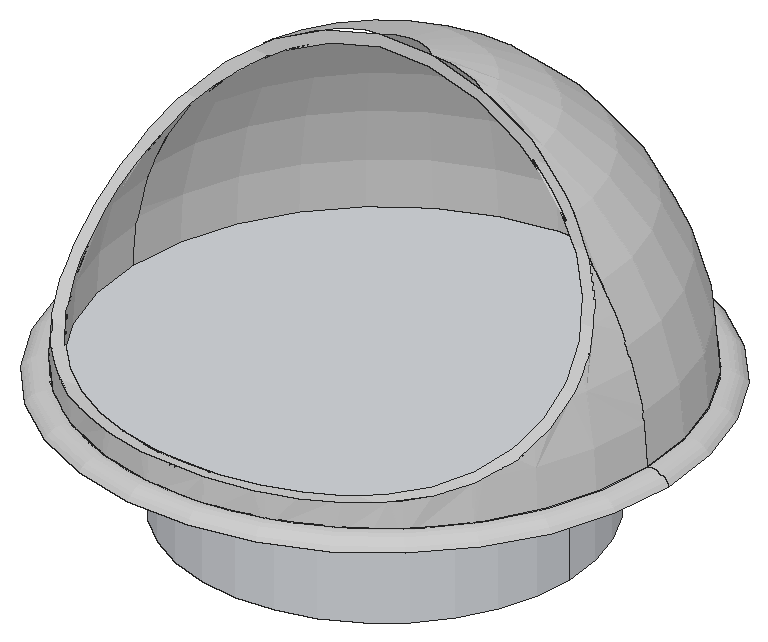
Revit family "CADS_AIRFLOWdev_AirTerminal_RoundCowl_Exhaust", category Air Terminals, host Face, Revit 2015
Parameters (values of type "180mm With Mesh")
  WorkExecutionLevel = "N/A"
  WeeklyMaintenance = "N/A"
  WarrantyStartDate [instance] = "N/A"
  WarrantyPeriod = "2"
  WarrantyIdentifier = "N/A"
  WarrantyGuarantorParts = "info@airflow.com"
  WarrantyGuarantorLabor = "info@airflow.com"
  WarrantyGuarantor = "Airflow Developments Ltd"
  WarrantyEndDate [instance] = "N/A"
  WarrantyContent = "Replacement of part if faulty"
  Void = ((A - 20 mm) / 2) - 2 mm  # 120.5 mm
  Uniclass2015 = "Pr_65_70_46_01"
  TagNumber [instance] = "N/A"
  Status [instance] = "New"
  Size = "195 x 255 x 255"
  ShippingWeight = 0.09 kg
  Shape = "Round"
  ServiceLifeType = "EXPECTEDSERVICELIFE"
  ServiceLifeDuration = "10"
  SerialNumber [instance] = "N/A"
  RoundCowl = CADS_Airflow_Chrome
  ReplacementCost = "60.444"
  QuarterlyMaintenance = "N/A"
  QualityOfComponents = "N/A"
  ProductionYear = "2017"
  ProductLiterature = "N/A"
  PointOfContact = "Airflow Developments Ltd"
  OutdoorEnviornment = "N/A"
  OperationAndMaintenanceManual = "N/A"
  NumberOfSlots = 0
  NominalWidth = 255 mm
  NominalLength = 195 mm
  NominalHeight = 255 mm
  NBSCode = "90-75-50/370 Air terminals;"
  MountingType = "SURFACE"
  MonthlyMaintenance = "N/A"
  ModelReference = "9041229"
  ModelLabel = "180mm dia round cowl complete with internal mesh"
  MeanTimeBetweenFailure = "N/A"
  Material = "Stainless Steel"
  ManufacturerWebsite = "www.airflow.com"
  ManufacturerTelephone = "01494 525252"
  ManufacturerE-Mail = "info@airflow.com"
  ManufacturerAddress = "Aidelle House\nLancaster Road\nCressex Business Park\nHigh Wycombe\nBucks\nHP123QP"
  Manufacturer = "Airflow Developments Ltd"
  MaintenanceRequired8001to12000hrs = "N/A"
  MaintenanceRequired601to1000hrs = "N/A"
  MaintenanceRequired4001to8000hrs = "N/A"
  MaintenanceRequired301to600hrs = "N/A"
  MaintenanceRequired2001to4000hrs = "N/A"
  MaintenanceRequired1001to2000hrs = "N/A"
  MaintenanceRequired0to300hrs = "N/A"
  MaintenanceLevel = "N/A"
  IsExtendedWarranty = no
  IndoorEnviornment = "N/A"
  InUseConditions = "N/A"
  ISO90001 = yes
  ISO140001 = yes
  HasThermalInsulation = no
  HasSoundAttenuator = no
  HasIntegralControl = no
  GrossWeight = 0.075 kg
  Grade = "Virgin"
  GlobalTradeItemNumber = "5019009318042"
  FlowControlType = "NONE"
  Flow [instance] = 0.0 L/s
  Features [instance] = "180mm dia round cowl complete with internal mesh"
  FaceType = "LOUVERED"
  Exclusions = "Incorrect Use / Incorrect Installation / Installed by a non-accredited electrician. Customer abuse."
  E = 55 mm
  DurationUnit = "Years"
  DesignLevel = "N/A"
  Description = "180mm dia round cowl complete with internal mesh"
  DailyMaintenance = "N/A"
  D = 173 mm
  Mesh [instance] = yes
  Louvers [instance] = no
  Default Elevation = 1219.2 mm
  Constituents = "Silver"
  Color = "Silver"
  CodePerformance = "N/A"
  CEApproval = yes
  C = 190 mm
  BespokeTimeFrameMaintenance = "N/A"
  AssetType = "Fixed"
  AssetIdentifier [instance] = "N/A"
  AssemblyPlace = "N/A"
  AnnualMaintenance = "N/A"
  AirflowRateRange = "0-61"
  AccessibilityPerformance = "N/A"
  A = 265 mm
  Base = A - 20 mm  # 245 mm
  6MonthlyMaintenance = "Visually inspect system, clean the fan and ducting if necessary"
Types (9, lengths in mm): name | Void | Size | ShippingWeight | ReplacementCost | NominalWidth | NominalLength | NominalHeight | ModelReference | ModelLabel | GrossWeight | GlobalTradeItemNumber | Features | E | Description | D | Mesh | Louvers | C | A | Base
  (no name) | 120.5 | "195 x 255 x 255" | 0.09 kg | "60.444" | 255 | 195 | 255 | "9041229" | "180mm dia round cowl complete with internal mesh" | 0.075 kg | "5019009318042" | "180mm dia round cowl complete with internal mesh" | 55 | "180mm dia round cowl complete with internal mesh" | 173 | yes | no | 190 | 265 | 245
  100mm With Louvers | 63 | "115 x 150 x 150" | 0.03 kg | "20.676" | 150 | 115 | 150 | "52644501" | "100mm dia round cowl complete with Internal louvers" | 0.025 kg | "5019009306346" | "100mm dia round cowl complete with Internal louvers" | 42 | "100mm dia round cowl complete with Internal louvers" | 100 | no | yes | 115 | 150 | 130
  125mm With Louvers | 78 | "145 x 190 x 190" | 0.042 kg | "30.228" | 190 | 145 | 190 | "9041226" | "125mm dia round cowl complete with internal louvers" | 0.035 kg | "5019009318011" | "125mm dia round cowl complete with internal louvers" | 48 | "125mm dia round cowl complete with internal louvers" | 125 | no | yes | 145 | 180 | 160
  150mm With Louvers | 91.5 | "155 x 210 x 210" | 0.054 kg | "39.756" | 210 | 155 | 210 | "52644601" | "150mm dia round cowl complete with Internal louvers" | 0.045 kg | "5019009306360" | "150mm dia round cowl complete with Internal louvers" | 55 | "150mm dia round cowl complete with Internal louvers" | 150 | no | yes | 155 | 207 | 187
  180mm With Louvers | 120.5 | "195 x 255 x 255" | 0.09 kg | "60.444" | 255 | 195 | 255 | "9041227" | "180mm dia round cowl complete with internal louvers" | 0.075 kg | "5019009318028" | "180mm dia round cowl complete with internal louvers" | 55 | "180mm dia round cowl complete with internal louvers" | 173 | no | yes | 190 | 265 | 245
  100mm With Mesh | 63 | "115 x 150 x 150" | 0.03 kg | "20.676" | 150 | 115 | 150 | "52644701" | "100mm dia round cowl complete with Internal mesh" | 0.025 kg | "5019009306384" | "100mm dia round cowl complete with Internal mesh" | 42 | "100mm dia round cowl complete with Internal mesh" | 100 | yes | no | 115 | 150 | 130
  125mm With Mesh | 78 | "145 x 190 x 190" | 0.042 kg | "30.228" | 190 | 145 | 190 | "9041228" | "125mm dia round cowl complete with internal mesh" | 0.035 kg | "5019009318035" | "125mm dia round cowl complete with internal mesh" | 48 | "125mm dia round cowl complete with internal mesh" | 125 | yes | no | 145 | 180 | 160
  150mm With Mesh | 91.5 | "155 x 210 x 210" | 0.054 kg | "39.756" | 210 | 155 | 210 | "52644801" | "150mm dia round cowl complete with Internal mesh" | 0.045 kg | "5019009306407" | "150mm dia round cowl complete with Internal mesh" | 55 | "150mm dia round cowl complete with Internal mesh" | 150 | yes | no | 155 | 207 | 187
  180mm With Mesh | 120.5 | "195 x 255 x 255" | 0.09 kg | "60.444" | 255 | 195 | 255 | "9041229" | "180mm dia round cowl complete with internal mesh" | 0.075 kg | "5019009318042" | "180mm dia round cowl complete with internal mesh" | 55 | "180mm dia round cowl complete with internal mesh" | 173 | yes | no | 190 | 265 | 245
Reference planes
  plane 1 "Center (Front/Back)": y = 0
  plane 2: z = 0
  plane 3 "Center (Left/Right)": x = 0
  plane 4: z = 135
  plane 5: x = -122.5
  plane 6: x = 122.5
  plane 7 "top": y = 122.5
  plane 8: y = -122.5
  plane 9: y = -60.25
  plane 10: x = -132.5
  plane 11: y = 132.5
  plane 12: x = 132.5
  plane 13: y = -132.5
  plane 14: y = -120.5
  plane 15: z = 4.663
  plane 16: z = -55
  plane 17: z = 69.832
  plane 18: y = -108.123
Forms (mm)
  Revolve 1, solid, material "CADS_Airflow_Chrome" <- "RoundCowl"
    sketch origin (0, 0, 0) x (1, 0, 0) y (0, 0, 1)
      loop
        arc (122.5, 0) -> (87.787, 91.58) -> (0, 135) r 133.84
        line (0, 135) -> (0, 129.98)
        arc (0, 129.98) -> (84.246, 88.039) -> (117.499, 0) r 128.839
        line (117.499, 0) -> (122.5, 0)
      axis (0, 135) -> (0, 0)
    angle from 0 to 360
  Revolve 2, solid, material "CADS_Airflow_Chrome" <- "RoundCowl"
    sketch origin (0, 0, 0) x (1, 0, 0) y (0, 0, 1)
      loop
        arc (132.5, 0) -> (128.248, 3.935) -> (122.5, 4.663) r 9.485
        line (122.5, 4.663) -> (122.5, 0) -> (132.5, 0)
      axis (0, 4.663) -> (0, 0)
    angle from 0 to 360
  Extrusion 3, solid
    sketch origin (0, 0, 0) x (1, 0, 0) y (0, 1, 0)
      loop
        circle (0, 0) r 122.5
    from 0 to 4.663
  Extrusion 4, solid
    sketch origin (0, 0, 0) x (1, 0, 0) y (0, 1, 0)
      loop
        circle (0, 0) r 86.5
    from 0 to -55
  Extrusion 5, void
    sketch origin (0, -47.12, -7.321) x (0, 1, 0) y (0, 0, 1)
      loop
        circle (-61.003, 142.321) r 120.5
    from -286.988 to 250
Cuts and joins
  Extrusion 5 cuts Revolve 1
Dimensions and locks
  equal spacing: plane 10, plane 3 "Center (Left/Right)", plane 12
  equal spacing: plane 11, plane 1 "Center (Front/Back)", plane 13
  "A": plane 11 to plane 13
  "A": plane 10 to plane 12
  locked: plane 10 to plane 5 at 10
  locked: plane 6 to plane 12 at 10
  locked: plane 8 to plane 13 at 10
  locked: plane 11 to plane 7 "top" at 10
  locked: plane 14 to plane 8 at 2
  equal spacing: plane 1 "Center (Front/Back)", plane 9, plane 14
  plane 1 "Center (Front/Back)" to plane 14 = 120.5 mm
  locked: plane 15 to level at 4.663
  "E": level to plane 16
  "C": plane 4 to plane 16
  equal spacing: plane 4, plane 17, plane 15
  locked: plane 13 to plane 18 at 24.377
  "Base": diameter of Extrusion 3 sketch curve
  "D": diameter of Extrusion 4 sketch curve
  "Void": radius of Extrusion 5 sketch curve
  aligned and locked: plane 2 to host face
  aligned and locked: level to host face
  aligned and locked: Revolve 1 sketch curve to plane 3 "Center (Left/Right)"
  aligned and locked: Revolve 2 sketch curve to plane 3 "Center (Left/Right)"
  aligned and locked: plane 3 "Center (Left/Right)" to Revolve 1 sketch curve
  aligned and locked: level to Revolve 1 sketch curve
  aligned and locked: plane 15 to Extrusion 3
  aligned and locked: Extrusion 4 to plane 16
  aligned and locked: level to Extrusion 4
  aligned and locked: plane 18 to Extrusion 5 sketch curve
  aligned and locked: plane 4 to Extrusion 5 sketch curve
Automatic sketch dimensions
  host sketch curve to host sketch curve = 2438.4 mm  (x2)
  Revolve 2 sketch curve to level = 0 mm
  Revolve 2 sketch curve to plane 6 = 0 mm
  Revolve 2 sketch curve to plane 12 = 0 mm
  plane 6 to Revolve 2 sketch curve = 1.739 mm
  Revolve 2 sketch curve to level = 4.661 mm
  Revolve 2 sketch curve to Revolve 2 sketch curve = 604.939 mm
  plane 4 to Revolve 2 sketch curve = 2534.058 mm
  Revolve 1 sketch curve to plane 6 = 0 mm
  Revolve 1 sketch curve to plane 4 = 0 mm
  level to Revolve 1 sketch curve = 1.64 mm
  Revolve 1 sketch curve to Revolve 1 sketch curve = 5.001 mm
  Revolve 1 sketch curve to plane 16 = 567.6 mm
  Revolve 1 sketch curve to Revolve 1 sketch curve = 2534.058 mm
  Revolve 1 sketch curve to Revolve 1 sketch curve = 0 mm  (x2)
  plane 1 "Center (Front/Back)" to Extrusion 3 sketch curve = 0 mm
  Extrusion 3 sketch curve to plane 3 "Center (Left/Right)" = 0 mm
  plane 1 "Center (Front/Back)" to Extrusion 4 sketch curve = 0 mm
  Extrusion 4 sketch curve to plane 3 "Center (Left/Right)" = 0 mm
Connectors
  hvac at (0, 0, 0), driven by "D", driven by "Flow"
    settings: on Extrusion 4, index 1, duct flow 0.0 L/s, flow factor 0, pres drop 0.0 Pa, loss coef 0, conn angle 0.00°, conn width 304.8 mm, conn height 304.8 mm, conn diameter 173 mm, duct sys type 3, conn prof type 0, flow config 0, flow direction 1, loss method 0, conn ref index -1, conn util no, is conn primary yes, conn desc ""
